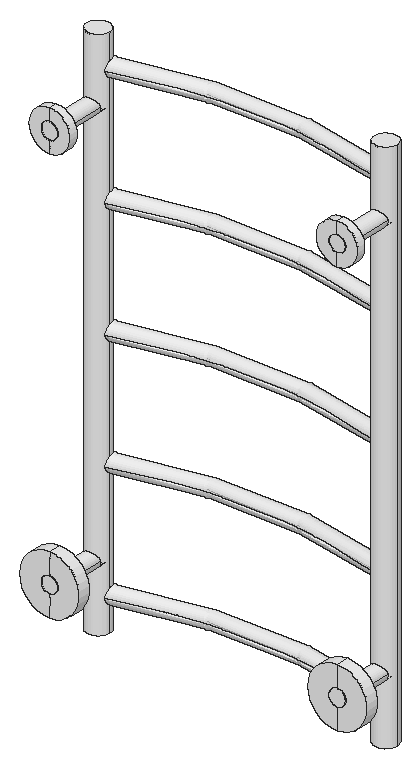
Revit family "LC-5", category Generic Models, host Wall, Revit 2017
Family settings
  Host = Wall
  Can host rebar = No
  Round Connector Dimension = Use Diameter
  Part Type = Normal
  Always vertical = Yes
  Cut with Voids When Loaded = No
  Shared = No
  Room Calculation Point = No
Parameters (values of type "350")
  URL = "http://www.sentakia.com/tuote/ls-3-350-kromi/"
  Teho = "kromi: 80 W maalattu: 104 W"
  Sentakia_Material_Default = Stainless Steel, Polished_sentakia
  RAL-väri [instance] = no
  RAL-koodi [instance] = ""
  Model = "LS-5/350"
  Materiaali = "kromattu messinki (CuZn36As)"
  Manufacturer = "Sentakia Oy"
  Leveys = 350 mm
  LVI = "5489942"
  Keynote = "6120"
  Kenkäkoukkupari [instance] = no
  Height = 655 mm  # constant formula
  ELO-600 kromi [instance] = no
  EAN = "4770046005845"
  Depth = 88 mm  # constant formula
  Assembly Code = ""
  2-osainen koukku pitkä [instance] = no
  2-osainen koukku lyhyt [instance] = no
Types (3, lengths in mm): name | URL | Teho | Model | Leveys | LVI | EAN
  350 | "http://www.sentakia.com/tuote/ls-3-350-kromi/" | "kromi: 80 W maalattu: 104 W" | "LS-5/350" | 350 | "5489942" | "4770046005845"
  500 | "http://www.sentakia.com/vesikiertoiset-pyyhekuivaimet/" | "kromi: 90 W maalattu: 117 W" | "LS-5/500" | 500 | "5489943" | "4770046005715"
  600 | "http://www.sentakia.com/vesikiertoiset-pyyhekuivaimet/" | "kromi:  95 W maalattu: 123 W" | "LS-5/600" | 600 | "5489944" | "4770046005739"
Reference planes
  plane 1 "Wall": y = 0
  plane 2 "Center (Left/Right)": x = 125
  plane 3 "Back": y = 75
  plane 4: z = 1880
  plane 5: y = 163
  plane 6: y = 135
  plane 7 "Center of lower handler": z = 1305
  plane 8: z = 1800
  plane 9: z = 1315
  plane 10: z = 1295
  plane 11 "r": x = 300
  plane 12 "l": x = -50
  plane 13: y = 149
  plane 14: y = 159
  plane 15: y = 139
  plane 16 "Tikas1": z = 1840
  plane 17 "Tikas2": z = 1552.5
  plane 18 "Tikas3": z = 1408.75
  plane 19 "Tikas4": z = 1265
  plane 20 "Bottom": z = 1225
  plane 21 "Tikasykspuol": z = 1696.25
  plane 22: y = 225
Forms (mm)
  Extrusion 1, solid, material "Stainless Steel, Polished_sentakia" <- "Sentakia_Material_Default", detail levels medium+fine
    sketch origin (0, 0, 0) x (1, 0, 0) y (0, 0, 1)
      loop
        circle (300, 1305) r 10
    from -149 to -75
  Extrusion 2, solid, material "Stainless Steel, Polished_sentakia" <- "Sentakia_Material_Default", detail levels medium+fine
    sketch origin (0, 0, 0) x (1, 0, 0) y (0, 0, 1)
      loop
        circle (-50, 1305) r 10
    from -149 to -75
  Extrusion 3, solid, material "Stainless Steel, Polished_sentakia" <- "Sentakia_Material_Default", detail levels medium+fine
    sketch origin (0, 0, 310) x (1, 0, 0) y (0, 0, 1)
      loop
        circle (-50, 1490) r 10
    from -149 to -75
  Extrusion 4, solid, material "Stainless Steel, Polished_sentakia" <- "Sentakia_Material_Default", detail levels medium+fine
    sketch origin (0, 0, 0) x (1, 0, 0) y (0, 1, 0)
      loop
        circle (-50, 149) r 14
    from 1225 to 1880
  Extrusion 5, solid, material "Stainless Steel, Polished_sentakia" <- "Sentakia_Material_Default", detail levels medium+fine
    sketch origin (0, 0, 0) x (1, 0, 0) y (0, 1, 0)
      loop
        circle (300, 149) r 14
    from 1225 to 1880
  Revolve 6, solid, material "Stainless Steel, Polished_sentakia" <- "Sentakia_Material_Default", detail levels medium+fine
    sketch origin (300, 0, 0) x (0, 0, 1) y (0, 1, 0)
      loop
        line (1315, 75.434) -> (1341, 75.434) -> (1341, 90.434) -> (1315, 105.434) -> (1315, 75.434)
      axis (1305, 75.434) -> (1305, 105.434)
    angle from 0 to 360
  Revolve 7, solid, material "Stainless Steel, Polished_sentakia" <- "Sentakia_Material_Default", detail levels medium+fine
    sketch origin (-50, 0, 0) x (0, 0, 1) y (0, 1, 0)
      loop
        line (1315, 75) -> (1341, 75) -> (1341, 90) -> (1315, 105) -> (1315, 75)
      axis (1305, 75) -> (1305, 105)
    angle from 0 to 360
  Revolve 8, solid, material "Stainless Steel, Polished_sentakia" <- "Sentakia_Material_Default", detail levels medium+fine
    sketch origin (300, 0, 0) x (0, 0, 1) y (0, 1, 0)
      loop
        line (1810, 75) -> (1825, 75) -> (1825, 85) -> (1810, 85) -> (1810, 75)
      axis (1800, 75) -> (1800, 85)
    angle from 0 to 360
  Revolve 9, solid, material "Stainless Steel, Polished_sentakia" <- "Sentakia_Material_Default", detail levels medium+fine
    sketch origin (-50, 0, 0) x (0, 0, 1) y (0, 1, 0)
      loop
        line (1810, 75) -> (1825, 75) -> (1825, 85) -> (1810, 85) -> (1810, 75)
      axis (1800, 75) -> (1800, 85)
    angle from 0 to 360
  Extrusion 10, solid, material "Stainless Steel, Polished_sentakia" <- "Sentakia_Material_Default", detail levels medium+fine
    sketch origin (0, 0, 0) x (1, 0, 0) y (0, 0, 1)
      loop
        circle (300, 1800) r 10
    from -149 to -75
  Extrusion 11, solid, material "Stainless Steel, Polished_sentakia" <- "Sentakia_Material_Default", detail levels coarse
    sketch origin (125, 0, 0) x (0, 1, 0) y (0, 0, 1)
      loop
        line (163, 1880) -> (75, 1880) -> (75, 1225) -> (163, 1225) -> (163, 1880)
    from -175 to 175
  Sweep 12, solid, material "Stainless Steel, Polished_sentakia" <- "Sentakia_Material_Default", detail levels medium+fine
    path origin (0, 0, 1696.25) x (1, 0, 0) y (0, 1, 0)
      loop
        arc (-50.255, 149) -> (125.785, 177.283) -> (301.825, 149) r 562.002
    profile origin (125.785, 177.283, 1696.25) x (0, 1, 0) y (0, 0, 1)
      loop
        circle (0, 0) r 10
  Sweep 13, solid, material "Stainless Steel, Polished_sentakia" <- "Sentakia_Material_Default", detail levels medium+fine
    path origin (0, 0, 1552.5) x (0, 1, 0) y (-1, 0, 0)
      loop
        arc (149, 50.255) -> (177.283, -125.785) -> (149, -301.825) r 562.002
    profile origin (125.785, 177.283, 1552.5) x (0, 1, 0) y (0, 0, 1)
      loop
        circle (0, 0) r 10
  Sweep 14, solid, material "Stainless Steel, Polished_sentakia" <- "Sentakia_Material_Default", detail levels medium+fine
    path origin (0, 0, 1408.75) x (-1, 0, 0) y (0, 1, 0)
      loop
        arc (50.255, 149) -> (-125.785, 177.283) -> (-301.825, 149) r 562.002
    profile origin (125.785, 177.283, 1408.75) x (0, 1, 0) y (0, 0, 1)
      loop
        circle (0, 0) r 10
  Sweep 15, solid, material "Stainless Steel, Polished_sentakia" <- "Sentakia_Material_Default", detail levels medium+fine
    path origin (0, 0, 1265) x (-1, 0, 0) y (0, 1, 0)
      loop
        arc (50.255, 149) -> (-125.785, 177.283) -> (-301.825, 149) r 562.002
    profile origin (125.785, 177.283, 1265) x (0, 1, 0) y (0, 0, 1)
      loop
        circle (0, 0) r 10
  Sweep 16, solid, material "Stainless Steel, Polished_sentakia" <- "Sentakia_Material_Default", detail levels medium+fine
    path origin (0, 0, 1840) x (0, 1, 0) y (-1, 0, 0)
      loop
        arc (149, 50.255) -> (177.283, -125.785) -> (149, -301.825) r 562.002
    profile origin (125.785, 177.283, 1840) x (0, 1, 0) y (0, 0, 1)
      loop
        circle (0, 0) r 10
Cuts and joins
  joined: Extrusion 4, Extrusion 5, Sweep 12, Sweep 13, Sweep 14, Sweep 15, Sweep 16
Text (mm)
  text "Placement Side" at (-1848.837, 1116.779, 0), in view "Ref. Level"
  text "Placement side" at (0, 1409.804, 2854.306), in view "Left"
  text "Placement side" at (0, 499.811, 2980.732), in view "Right"
Dimensions and locks
  locked: plane 3 "Back" to host wall
  "Depth": plane 5 to host wall
  locked: plane 5 to plane 6 at 28
  "Leveys": plane 12 "l" to plane 11 "r"
  plane 8 to level = 1800 mm
  locked: host wall to plane 13 at 74
  locked: plane 14 to plane 15 at 20
  plane 20 "Bottom" to plane 7 "Center of lower handler" = 80 mm  (x2)
  plane 4 to plane 8 = 80 mm
  equal spacing: plane 12 "l", plane 2 "Center (Left/Right)", plane 11 "r"
  "Height": plane 20 "Bottom" to plane 4
  equal spacing: plane 19 "Tikas4", plane 18 "Tikas3", plane 17 "Tikas2", plane 21 "Tikasykspuol", plane 16 "Tikas1"
  plane 7 "Center of lower handler" to plane 8 = 495 mm
  plane 8 to plane 4 = 80 mm
  plane 16 "Tikas1" to plane 4 = 40 mm
  plane 20 "Bottom" to plane 19 "Tikas4" = 40 mm
  aligned and locked: plane 1 "Wall" to host wall
  aligned and locked: Extrusion 1 to host wall
  aligned and locked: Extrusion 2 to host wall
  aligned and locked: Extrusion 3 to host wall
  aligned and locked: Extrusion 2 to plane 13
  aligned and locked: Extrusion 1 to Extrusion 2
  aligned and locked: plane 4 to Extrusion 4
  aligned and locked: plane 4 to Extrusion 5
  aligned and locked: Revolve 8 sketch curve to plane 8
  aligned and locked: Revolve 9 sketch curve to plane 8
  aligned and locked: Extrusion 10 to host wall
  aligned and locked: plane 12 "l" to Extrusion 3 sketch curve
  aligned and locked: plane 7 "Center of lower handler" to Revolve 7 sketch curve
  aligned and locked: Revolve 6 sketch curve to plane 7 "Center of lower handler"
  aligned and locked: plane 11 "r" to Extrusion 10 sketch curve
  aligned and locked: plane 8 to Extrusion 10 sketch curve
  aligned and locked: Extrusion 3 to Extrusion 10
  aligned and locked: Extrusion 10 to plane 13
  aligned and locked: plane 3 "Back" to Revolve 7
  aligned and locked: cut or joined group of Extrusion 4, Extrusion 5, Sweep 12, Sweep 13, Sweep 14, Sweep 15, Sweep 16 to plane 20 "Bottom"  (x2)
  aligned and locked: plane 4 to Extrusion 11
  aligned and locked: Extrusion 11 to cut or joined group of Extrusion 4, Extrusion 5, Sweep 12, Sweep 13, Sweep 14, Sweep 15, Sweep 16
  aligned and locked: Extrusion 11 to plane 11 "r"
  aligned and locked: plane 12 "l" to Extrusion 11
  aligned and locked: Extrusion 11 to host wall
  aligned and locked: plane 13 to Sweep 12 sketch curve
Automatic sketch dimensions
  Extrusion 1 sketch curve to plane 7 "Center of lower handler" = 0 mm
  plane 11 "r" to Extrusion 1 sketch curve = 0 mm
  Extrusion 2 sketch curve to plane 7 "Center of lower handler" = 0 mm
  plane 12 "l" to Extrusion 2 sketch curve = 0 mm
  Extrusion 3 sketch curve to plane 8 = 0 mm
  Extrusion 4 sketch curve to plane 12 "l" = 0 mm
  plane 13 to Extrusion 4 sketch curve = 0 mm
  Extrusion 5 sketch curve to plane 11 "r" = 0 mm
  plane 13 to Extrusion 5 sketch curve = 0 mm
  Revolve 8 sketch curve to host wall = 0 mm  (x2)
  plane 8 to Revolve 8 sketch curve = 10 mm
  Revolve 8 sketch curve to Revolve 8 sketch curve = 15 mm
  host wall to Revolve 8 sketch curve = 10 mm
  plane 6 to Revolve 8 sketch curve = 20 mm
  Revolve 9 sketch curve to host wall = 0 mm  (x2)
  Revolve 9 sketch curve to Revolve 9 sketch curve = 10 mm
  Revolve 9 sketch curve to Revolve 9 sketch curve = 15 mm
  host wall to Revolve 9 sketch curve = 10 mm
  plane 6 to Revolve 9 sketch curve = 20 mm
  Extrusion 11 sketch curve to host wall = 0 mm
  Extrusion 11 sketch curve to plane 5 = 0 mm
  Extrusion 11 sketch curve to plane 20 "Bottom" = 0 mm
  Extrusion 11 sketch curve to plane 4 = 0 mm
  plane 13 to Sweep 12 sketch curve = 0 mm
  plane 2 "Center (Left/Right)" to Sweep 12 sketch curve = 0.785 mm
  plane 1 "Wall" to Sweep 12 sketch curve = 384.72 mm
  plane 12 "l" to Sweep 12 sketch curve = 0.255 mm
  Sweep 12 sketch curve to plane 21 "Tikasykspuol" = 0 mm
  Sweep 12 sketch curve to profile plane = 0 mm
  Sweep 13 sketch curve to profile plane = 0 mm  (x2)
  Sweep 14 sketch curve to profile plane = 0 mm  (x2)
  Sweep 15 sketch curve to profile plane = 0 mm  (x2)
  Sweep 16 sketch curve to profile plane = 0 mm  (x2)
  plane 13 to Sweep 15 sketch curve = 0 mm  (x2)
  Sweep 15 sketch curve to plane 2 "Center (Left/Right)" = 0.785 mm
  Sweep 15 sketch curve to plane 1 "Wall" = 384.72 mm
  plane 11 "r" to Sweep 15 sketch curve = 1.825 mm
  plane 13 to Sweep 14 sketch curve = 0 mm  (x2)
  Sweep 14 sketch curve to plane 2 "Center (Left/Right)" = 0.785 mm
  Sweep 14 sketch curve to plane 1 "Wall" = 384.72 mm
  plane 11 "r" to Sweep 14 sketch curve = 1.825 mm
  plane 13 to Sweep 13 sketch curve = 0 mm  (x2)
  plane 2 "Center (Left/Right)" to Sweep 13 sketch curve = 0.785 mm
  plane 1 "Wall" to Sweep 13 sketch curve = 384.72 mm
  Sweep 13 sketch curve to plane 11 "r" = 1.825 mm
  plane 13 to Sweep 16 sketch curve = 0 mm  (x2)
  plane 2 "Center (Left/Right)" to Sweep 16 sketch curve = 0.785 mm
  plane 1 "Wall" to Sweep 16 sketch curve = 384.72 mm
  Sweep 16 sketch curve to plane 11 "r" = 1.825 mm
  Revolve 7 sketch curve to plane 9 = 0 mm
  Revolve 7 sketch curve to host wall = 0 mm
  Revolve 7 sketch curve to Revolve 7 sketch curve = 26 mm
  host wall to Revolve 7 sketch curve = 30 mm
  Revolve 7 sketch curve to host wall = 0.781 mm
  host wall to Revolve 7 sketch curve = 15 mm
  plane 6 to Revolve 7 sketch curve = 13.43 mm
  Revolve 6 sketch curve to plane 9 = 0 mm
  host wall to Revolve 6 sketch curve = 0.434 mm
  Revolve 6 sketch curve to Revolve 6 sketch curve = 26 mm
  plane 6 to Revolve 6 sketch curve = 29.566 mm
  Revolve 6 sketch curve to host wall = 0.781 mm
  Revolve 6 sketch curve to Revolve 6 sketch curve = 15 mm
  plane 6 to Revolve 6 sketch curve = 13.43 mm
  radius of Extrusion 1 sketch curve = 10 mm
  radius of Extrusion 2 sketch curve = 10 mm
  radius of Extrusion 3 sketch curve = 10 mm
  radius of Extrusion 4 sketch curve = 14 mm
  radius of Extrusion 5 sketch curve = 14 mm
  radius of Extrusion 10 sketch curve = 10 mm
  radius of Sweep 12 sketch curve = 10 mm
  radius of Sweep 13 sketch curve = 10 mm
  radius of Sweep 14 sketch curve = 10 mm
  radius of Sweep 15 sketch curve = 10 mm
  radius of Sweep 16 sketch curve = 10 mm
Connectors
  piping at (300, 75, 1305), diameter 12
    settings: on Extrusion 1, index 1, connector inside diameter 609.6 mm, connector length 0 mm, flow factor 0, pipe flow 0.0 L/s, pressure drop 0.0 Pa, fitting loss kfactor 0, connector angle 0.00°, fixture units 0, engagement length 0 mm, angle of deflection 0.00°, flow configuration 0, flow direction 0, fitting loss method 0, system type 22, joint type 0, gender type 0, connector reference index -1, connector utility 0, adjustable connector no, is connector primary yes, connector description ""
  piping at (300, 75, 1305), diameter 12
    settings: on Extrusion 1, index 2, connector inside diameter 609.6 mm, connector length 0 mm, flow factor 0, pipe flow 0.0 L/s, pressure drop 0.0 Pa, fitting loss kfactor 0, connector angle 0.00°, fixture units 0, engagement length 0 mm, angle of deflection 0.00°, flow configuration 0, flow direction 0, fitting loss method 0, system type 22, joint type 0, gender type 0, connector reference index -1, connector utility 0, adjustable connector no, is connector primary no, connector description ""
  piping at (-50, 75, 1305), diameter 12
    settings: on Extrusion 2, index 3, connector inside diameter 609.6 mm, connector length 0 mm, flow factor 0, pipe flow 0.0 L/s, pressure drop 0.0 Pa, fitting loss kfactor 0, connector angle 0.00°, fixture units 0, engagement length 0 mm, angle of deflection 0.00°, flow configuration 0, flow direction 0, fitting loss method 0, system type 22, joint type 0, gender type 0, connector reference index -1, connector utility 0, adjustable connector no, is connector primary no, connector description ""
